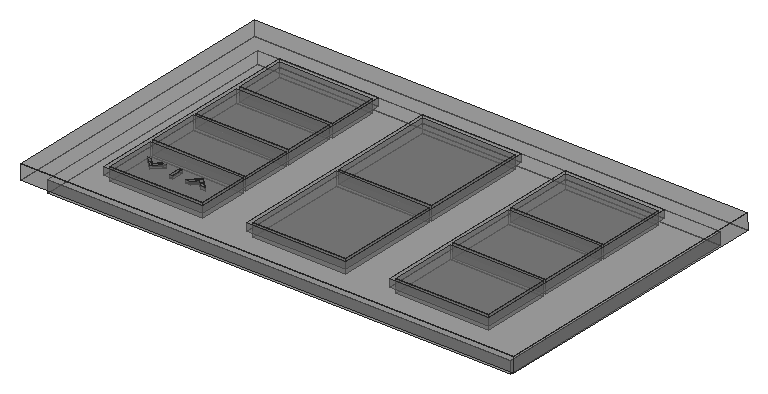
Revit family "Switch-Lutron-Palladiom_QS_Keypad_Control-Group_6 new", category Lighting Devices, host Face, Revit 2017 (continued)
Parameters (values of type "Not a Type - Load Type Catalog")
    y > 1, Device 1 Button Configuration Selection = 3, Material Sequence Code = 3212), "MWP-B-3W-CBL-E", if(and(System Type Selection = 2, Faceplate Style Selection < 2, Gang Quantity > 1, Device 1 Button Configuration Selection = 4, Material Sequence Code = 3212), "MWP-B-4W-CBL-E", if(and(System Type Selection = 2, Faceplate Style Selection < 2, Gang Quantity > 1, Device 1 Button Configuration Selection = 1, Material Sequence Code = 3238), "MWP-B-RW-CWH-E", if(and(System Type Selection = 2, Faceplate Style Selection < 2, Gang Quantity > 1, Device 1 Button Configuration Selection = 2, Material Sequence Code = 3238), "MWP-B-2W-CWH-E", if(and(System Type Selection = 2, Faceplate Style Selection < 2, Gang Quantity > 1, Device 1 Button Configuration Selection = 3, Material Sequence Code = 3238), "MWP-B-3W-CWH-E", if(and(System Type Selection = 2, Faceplate Style Selection < 2, Gang Quantity > 1, Device 1 Button Configuration Selection = 4, Material Sequence Code = 3238), "MWP-B-4W-CWH-E", if(and(System Type Selection > 2, Faceplate Style Selection < 2, Gang Quantity < 2, Device 1 Button Configuration Selection = 1, Material Sequence Code = 3212, Engraving), "HQWT-U-PRW-CBL-E", if(and(System Type Selection > 2, Faceplate Style Selection < 2, Gang Quantity < 2, Device 1 Button Configuration Selection = 1, Material Sequence Code = 3212, No Engraving), "HQWT-U-PRW-CBL", if(and(System Type Selection > 2, Faceplate Style Selection < 2, Gang Quantity < 2, Device 1 Button Configuration Selection = 2, Material Sequence Code = 3212, Engraving), "HQWT-U-P2W-CBL-E", if(and(System Type Selection > 2, Faceplate Style Selection < 2, Gang Quantity < 2, Device 1 Button Configuration Selection = 2, Material Sequence Code = 3212, No Engraving), "HQWT-U-P2W-CBL", if(and(System Type Selection > 2, Faceplate Style Selection < 2, Gang Quantity < 2, Device 1 Button Configuration Selection = 3, Material Sequence Code = 3212, Engraving), "HQWT-U-P3W-CBL-E", if(and(System Type Selection > 2, Faceplate Style Selection < 2, Gang Quantity < 2, Device 1 Button Configuration Selection = 3, Material Sequence Code = 3212, No Engraving), "HQWT-U-P3W-CBL", if(and(System Type Selection > 2, Faceplate Style Selection < 2, Gang Quantity < 2, Device 1 Button Configuration Selection = 4, Material Sequence Code = 3212, Engraving), "HQWT-U-P4W-CBL-E", if(and(System Type Selection > 2, Faceplate Style Selection < 2, Gang Quantity < 2, Device 1 Button Configuration Selection = 4, Material Sequence Code = 3212, No Engraving), "HQWT-U-P4W-CBL", if(and(System Type Selection > 2, Faceplate Style Selection < 2, Gang Quantity < 2, Device 1 Button Configuration Selection = 1, Material Sequence Code = 3238, Engraving), "HQWT-U-PRW-CWH-E", if(and(System Type Selection > 2, Faceplate Style Selection < 2, Gang Quantity < 2, Device 1 Button Configuration Selection = 1, Material Sequence Code = 3238, No Engraving), "HQWT-U-PRW-CWH", if(and(System Type Selection > 2, Faceplate Style Selection < 2, Gang Quantity < 2, Device 1 Button Configuration Selection = 2, Material Sequence Code = 3238, Engraving), "HQWT-U-P2W-CWH-E", if(and(System Type Selection > 2, Faceplate Style Selection < 2, Gang Quantity < 2, Device 1 Button Configuration Selection = 2, Material Sequence Code = 3238, No Engraving), "HQWT-U-P2W-CWH", if(and(System Type Selection > 2, Faceplate Style Selection < 2, Gang Quantity < 2, Device 1 Button Configuration Selection = 3, Material Sequence Code = 3238, Engraving), "HQWT-U-P3W-CWH-E", if(and(System Type Selection > 2, Faceplate Style Selection < 2, Gang Quantity < 2, Device 1 Button Configuration Selection = 3, Material Sequence Code = 3238, No Engraving), "HQWT-U-P3W-CWH", if(and(System Type Selection > 2, Faceplate Style Selection < 2, Gang Quantity < 2, Device 1 Button Configuration Selection = 4, Material Sequence Code = 3238, Engraving), "HQWT-U-P4W-CWH-E", if(and(System Type Selection > 2, Faceplate Style Selection < 2, Gang Quantity < 2, Device 1 Button Configuration Selection = 4, Material Sequence Code = 3238, No Engraving), "HQWT-U-P4W-CWH", if(and(System Type Selection > 2, Faceplate Style Selection < 2, Gang Quantity > 1, Device 1 Button Configuration Selection = 1, Material Sequence Code = 3212), "HQWT-B-PRW-CBL-E", if(and(System Type Selection > 2, Faceplate Style Selection < 2, Gang Quantity > 1, Device 1 Button Configuration Selection = 2, Material Sequence Code = 3212), "HQWT-B-P2W-CBL-E", if(and(System Type Selection > 2, Faceplate Style Selection < 2, Gang Quantity > 1, Device 1 Button Configuration Selection = 3, Material Sequence Code = 3212), "HQWT-B-P3W-CBL-E", if(and(System Type Selection > 2, Faceplate Style Selection < 2, Gang Quantity > 1, Device 1 Button Configuration Selection = 4, Material Sequence Code = 3212), "HQWT-B-P4W-CBL-E", if(and(System Type Selection > 2, Faceplate Style Selection < 2, Gang Quantity > 1, Device 1 Button Configuration Selection = 1, Material Sequence Code = 3238), "HQWT-B-PRW-CWH-E", if(and(System Type Selection > 2, Faceplate Style Selection < 2, Gang Quantity > 1, Device 1 Button Configuration Selection = 2, Material Sequence Code = 3238), "HQWT-B-P2W-CWH-E", if(and(System Type Selection > 2, Faceplate Style Selection < 2, Gang Quantity > 1, Device 1 Button Configuration Selection = 3, Material Sequence Code = 3238), "HQWT-B-P3W-CWH-E", if(and(System Type Selection > 2, Faceplate Style Selection < 2, Gang Quantity > 1, Device 1 Button Configuration Selection = 4, Material Sequence Code = 3238), "HQWT-B-P4W-CWH-E", if(and(System Type Selection < 2, Faceplate Style Selection > 1, Actual Button Column Quantity < 2, Device 1 Button Configuration Selection = 1, Material Sequence Code = 3212, Engraving), "QWP-S-RW-CBL-E", if(and(System Type Selection < 2, Faceplate Style Selection > 1, Actual Button Column Quantity < 2, Device 1 Button Configuration Selection = 1, Material Sequence Code = 3212, No Engraving), "QWP-S-RW-CBL", if(and(System Type Selection < 2, Faceplate Style Selection > 1, Actual Button Column Quantity < 2, Device 1 Button Configuration Selection = 2, Material Sequence Code = 3212, Engraving), "QWP-S-2W-CBL-E", if(and(System Type Selection < 2, Faceplate Style Selection > 1, Actual Button Column Quantity < 2, Device 1 Button Configuration Selection = 2, Material Sequence Code = 3212, No Engraving), "QWP-S-2W-CBL", if(and(System Type Selection < 2, Faceplate Style Selection > 1, Actual Button Column Quantity < 2, Device 1 Button Configuration Selection = 3, Material Sequence Code = 3212, Engraving), "QWP-S-3W-CBL-E", if(and(System Type Selection < 2, Faceplate Style Selection > 1, Actual Button Column Quantity < 2, Device 1 Button Configuration Selection = 3, Material Sequence Code = 3212, No Engraving), "QWP-S-3W-CBL", if(and(System Type Selection < 2, Faceplate Style Selection > 1, Actual Button Column Quantity < 2, Device 1 Button Configuration Selection = 4, Material Sequence Code = 3212, Engraving), "QWP-S-4W-CBL-E", if(and(System Type Selection < 2, Faceplate Style Selection > 1, Actual Button Column Quantity < 2, Device 1 Button Configuration Selection = 4, Material Sequence Code = 3212, No Engraving), "QWP-S-4W-CBL", if(and(System Type Selection < 2, Faceplate Style Selection > 1, Actual Button Column Quantity < 2, Device 1 Button Configuration Selection = 1, Material Sequence Code = 3238, Engraving), "QWP-S-RW-CWH-E", if(and(System Type Selection < 2, Faceplate Style Selection > 1, Actual Button Column Quantity < 2, Device 1 Button Configuration Selection = 1, Material Sequence Code = 3238, No Engraving), "QWP-S-RW-CWH", if(and(System Type Selection < 2, Faceplate Style Selection > 1, Actual Button Column Quantity < 2, Device 1 Button Configuration Selection = 2, Material Sequence Code = 3238, Engraving), "QWP-S-2W-CWH-E", if(and(System Type Selection < 2, Faceplate Style Selection > 1, Actual Button Column Quantity < 2, Device 1 Button Configuration Selection = 2, Material Sequence Code = 3238, No Engraving), "QWP-S-2W-CWH
    ", if(and(System Type Selection < 2, Faceplate Style Selection > 1, Actual Button Column Quantity < 2, Device 1 Button Configuration Selection = 3, Material Sequence Code = 3238, Engraving), "QWP-S-3W-CWH-E", if(and(System Type Selection < 2, Faceplate Style Selection > 1, Actual Button Column Quantity < 2, Device 1 Button Configuration Selection = 3, Material Sequence Code = 3238, No Engraving), "QWP-S-3W-CWH", if(and(System Type Selection < 2, Faceplate Style Selection > 1, Actual Button Column Quantity < 2, Device 1 Button Configuration Selection = 4, Material Sequence Code = 3238, Engraving), "QWP-S-4W-CWH-E", if(and(System Type Selection < 2, Faceplate Style Selection > 1, Actual Button Column Quantity < 2, Device 1 Button Configuration Selection = 4, Material Sequence Code = 3238, No Engraving), "QWP-S-4W-CWH", if(and(System Type Selection < 2, Faceplate Style Selection > 1, Actual Button Column Quantity = 2, Device 1 Button Configuration Selection = 1, Device 2 Button Configuration Selection = 1, Material Sequence Code = 3212), "QWP-S-RRW-CBL-E", if(and(System Type Selection < 2, Faceplate Style Selection > 1, Actual Button Column Quantity = 2, Device 1 Button Configuration Selection = 2, Device 2 Button Configuration Selection = 1, Material Sequence Code = 3212), "QWP-S-2RW-CBL-E", if(and(System Type Selection < 2, Faceplate Style Selection > 1, Actual Button Column Quantity = 2, Device 1 Button Configuration Selection = 3, Device 2 Button Configuration Selection = 1, Material Sequence Code = 3212), "QWP-S-3RW-CBL-E", if(and(System Type Selection < 2, Faceplate Style Selection > 1, Actual Button Column Quantity = 2, Device 1 Button Configuration Selection = 4, Device 2 Button Configuration Selection = 1, Material Sequence Code = 3212), "QWP-S-4RW-CBL-E", if(and(System Type Selection < 2, Faceplate Style Selection > 1, Actual Button Column Quantity = 2, Device 1 Button Configuration Selection = 1, Device 2 Button Configuration Selection = 2, Material Sequence Code = 3212), "QWP-S-R2W-CBL-E", if(and(System Type Selection < 2, Faceplate Style Selection > 1, Actual Button Column Quantity = 2, Device 1 Button Configuration Selection = 2, Device 2 Button Configuration Selection = 2, Material Sequence Code = 3212), "QWP-S-22W-CBL-E", if(and(System Type Selection < 2, Faceplate Style Selection > 1, Actual Button Column Quantity = 2, Device 1 Button Configuration Selection = 3, Device 2 Button Configuration Selection = 2, Material Sequence Code = 3212), "QWP-S-32W-CBL-E", if(and(System Type Selection < 2, Faceplate Style Selection > 1, Actual Button Column Quantity = 2, Device 1 Button Configuration Selection = 4, Device 2 Button Configuration Selection = 2, Material Sequence Code = 3212), "QWP-S-42W-CBL-E", if(and(System Type Selection < 2, Faceplate Style Selection > 1, Actual Button Column Quantity = 2, Device 1 Button Configuration Selection = 1, Device 2 Button Configuration Selection = 3, Material Sequence Code = 3212), "QWP-S-R3W-CBL-E", if(and(System Type Selection < 2, Faceplate Style Selection > 1, Actual Button Column Quantity = 2, Device 1 Button Configuration Selection = 2, Device 2 Button Configuration Selection = 3, Material Sequence Code = 3212), "QWP-S-23W-CBL-E", if(and(System Type Selection < 2, Faceplate Style Selection > 1, Actual Button Column Quantity = 2, Device 1 Button Configuration Selection = 3, Device 2 Button Configuration Selection = 3, Material Sequence Code = 3212), "QWP-S-33W-CBL-E", if(and(System Type Selection < 2, Faceplate Style Selection > 1, Actual Button Column Quantity = 2, Device 1 Button Configuration Selection = 4, Device 2 Button Configuration Selection = 3, Material Sequence Code = 3212), "QWP-S-43W-CBL-E", if(and(System Type Selection < 2, Faceplate Style Selection > 1, Actual Button Column Quantity = 2, Device 1 Button Configuration Selection = 1, Device 2 Button Configuration Selection = 4, Material Sequence Code = 3212), "QWP-S-R4W-CBL-E", if(and(System Type Selection < 2, Faceplate Style Selection > 1, Actual Button Column Quantity = 2, Device 1 Button Configuration Selection = 2, Device 2 Button Configuration Selection = 4, Material Sequence Code = 3212), "QWP-S-24W-CBL-E", if(and(System Type Selection < 2, Faceplate Style Selection > 1, Actual Button Column Quantity = 2, Device 1 Button Configuration Selection = 3, Device 2 Button Configuration Selection = 4, Material Sequence Code = 3212), "QWP-S-34W-CBL-E", if(and(System Type Selection < 2, Faceplate Style Selection > 1, Actual Button Column Quantity = 2, Device 1 Button Configuration Selection = 4, Device 2 Button Configuration Selection = 4, Material Sequence Code = 3212), "QWP-S-44W-CBL-E", if(and(System Type Selection < 2, Faceplate Style Selection > 1, Actual Button Column Quantity = 2, Device 1 Button Configuration Selection = 1, Device 2 Button Configuration Selection = 1, Material Sequence Code = 3238), "QWP-S-RRW-CWH-E", if(and(System Type Selection < 2, Faceplate Style Selection > 1, Actual Button Column Quantity = 2, Device 1 Button Configuration Selection = 2, Device 2 Button Configuration Selection = 1, Material Sequence Code = 3238), "QWP-S-2RW-CWH-E", if(and(System Type Selection < 2, Faceplate Style Selection > 1, Actual Button Column Quantity = 2, Device 1 Button Configuration Selection = 3, Device 2 Button Configuration Selection = 1, Material Sequence Code = 3238), "QWP-S-3RW-CWH-E", if(and(System Type Selection < 2, Faceplate Style Selection > 1, Actual Button Column Quantity = 2, Device 1 Button Configuration Selection = 4, Device 2 Button Configuration Selection = 1, Material Sequence Code = 3238), "QWP-S-4RW-CWH-E", if(and(System Type Selection < 2, Faceplate Style Selection > 1, Actual Button Column Quantity = 2, Device 1 Button Configuration Selection = 1, Device 2 Button Configuration Selection = 2, Material Sequence Code = 3238), "QWP-S-R2W-CWH-E", if(and(System Type Selection < 2, Faceplate Style Selection > 1, Actual Button Column Quantity = 2, Device 1 Button Configuration Selection = 2, Device 2 Button Configuration Selection = 2, Material Sequence Code = 3238), "QWP-S-22W-CWH-E", if(and(System Type Selection < 2, Faceplate Style Selection > 1, Actual Button Column Quantity = 2, Device 1 Button Configuration Selection = 3, Device 2 Button Configuration Selection = 2, Material Sequence Code = 3238), "QWP-S-32W-CWH-E", if(and(System Type Selection < 2, Faceplate Style Selection > 1, Actual Button Column Quantity = 2, Device 1 Button Configuration Selection = 4, Device 2 Button Configuration Selection = 2, Material Sequence Code = 3238), "QWP-S-42W-CWH-E", if(and(System Type Selection < 2, Faceplate Style Selection > 1, Actual Button Column Quantity = 2, Device 1 Button Configuration Selection = 1, Device 2 Button Configuration Selection = 3, Material Sequence Code = 3238), "QWP-S-R3W-CWH-E", if(and(System Type Selection < 2, Faceplate Style Selection > 1, Actual Button Column Quantity = 2, Device 1 Button Configuration Selection = 2, Device 2 Button Configuration Selection = 3, Material Sequence Code = 3238), "QWP-S-23W-CWH-E", if(and(System Type Selection < 2, Faceplate Style Selection > 1, Actual Button Column Quantity = 2, Device 1 Button Configuration Selection = 3, Device 2 Button Configuration Selection = 3, Material Sequence Code = 3238), "QWP-S-33W-CWH-E", if(and(System Type Selection < 2, Faceplate Style Selection > 1, Actual Button Column Quantity = 2, Device 1 Button Configuration Selection = 4, Device 2 Button Configuration Selection = 3, Material Sequence Code = 3238), "QWP-S-43W-CWH-E", if(and(System Type Selection < 2, Faceplate Style Selection > 1, Actual Button Column Quantity = 2, Device 1 Button Configuration Selection = 1, Device 2 Button Configuration Selection = 4, Material Sequence Code = 3238), "QWP-S-R4W-CWH-E", if(and(System Type Selection < 2, Faceplate Style Selection > 1, Actual Button Column Quantity = 2, Device 1 Button Configuration Selection = 2, Device 2 Button Configuration Selecti
    on = 4, Material Sequence Code = 3238), "QWP-S-24W-CWH-E", if(and(System Type Selection < 2, Faceplate Style Selection > 1, Actual Button Column Quantity = 2, Device 1 Button Configuration Selection = 3, Device 2 Button Configuration Selection = 4, Material Sequence Code = 3238), "QWP-S-34W-CWH-E", if(and(System Type Selection < 2, Faceplate Style Selection > 1, Actual Button Column Quantity = 2, Device 1 Button Configuration Selection = 4, Device 2 Button Configuration Selection = 4, Material Sequence Code = 3238), "QWP-S-44W-CWH-E", if(and(System Type Selection = 2, Faceplate Style Selection > 1, Actual Button Column Quantity < 2, Device 1 Button Configuration Selection = 1, Material Sequence Code = 3212, Engraving), "MWP-S-RW-CBL-E", if(and(System Type Selection = 2, Faceplate Style Selection > 1, Actual Button Column Quantity < 2, Device 1 Button Configuration Selection = 1, Material Sequence Code = 3212, No Engraving), "MWP-S-RW-CBL", if(and(System Type Selection = 2, Faceplate Style Selection > 1, Actual Button Column Quantity < 2, Device 1 Button Configuration Selection = 2, Material Sequence Code = 3212, Engraving), "MWP-S-2W-CBL-E", if(and(System Type Selection = 2, Faceplate Style Selection > 1, Actual Button Column Quantity < 2, Device 1 Button Configuration Selection = 2, Material Sequence Code = 3212, No Engraving), "MWP-S-2W-CBL", if(and(System Type Selection = 2, Faceplate Style Selection > 1, Actual Button Column Quantity < 2, Device 1 Button Configuration Selection = 3, Material Sequence Code = 3212, Engraving), "MWP-S-3W-CBL-E", if(and(System Type Selection = 2, Faceplate Style Selection > 1, Actual Button Column Quantity < 2, Device 1 Button Configuration Selection = 3, Material Sequence Code = 3212, No Engraving), "MWP-S-3W-CBL", if(and(System Type Selection = 2, Faceplate Style Selection > 1, Actual Button Column Quantity < 2, Device 1 Button Configuration Selection = 4, Material Sequence Code = 3212, Engraving), "MWP-S-4W-CBL-E", if(and(System Type Selection = 2, Faceplate Style Selection > 1, Actual Button Column Quantity < 2, Device 1 Button Configuration Selection = 4, Material Sequence Code = 3212, No Engraving), "MWP-S-4W-CBL", if(and(System Type Selection = 2, Faceplate Style Selection > 1, Actual Button Column Quantity < 2, Device 1 Button Configuration Selection = 1, Material Sequence Code = 3238, Engraving), "MWP-S-RW-CWH-E", if(and(System Type Selection = 2, Faceplate Style Selection > 1, Actual Button Column Quantity < 2, Device 1 Button Configuration Selection = 1, Material Sequence Code = 3238, No Engraving), "MWP-S-RW-CWH", if(and(System Type Selection = 2, Faceplate Style Selection > 1, Actual Button Column Quantity < 2, Device 1 Button Configuration Selection = 2, Material Sequence Code = 3238, Engraving), "MWP-S-2W-CWH-E", if(and(System Type Selection = 2, Faceplate Style Selection > 1, Actual Button Column Quantity < 2, Device 1 Button Configuration Selection = 2, Material Sequence Code = 3238, No Engraving), "MWP-S-2W-CWH", if(and(System Type Selection = 2, Faceplate Style Selection > 1, Actual Button Column Quantity < 2, Device 1 Button Configuration Selection = 3, Material Sequence Code = 3238, Engraving), "MWP-S-3W-CWH-E", if(and(System Type Selection = 2, Faceplate Style Selection > 1, Actual Button Column Quantity < 2, Device 1 Button Configuration Selection = 3, Material Sequence Code = 3238, No Engraving), "MWP-S-3W-CWH", if(and(System Type Selection = 2, Faceplate Style Selection > 1, Actual Button Column Quantity < 2, Device 1 Button Configuration Selection = 4, Material Sequence Code = 3238, Engraving), "MWP-S-4W-CWH-E", if(and(System Type Selection = 2, Faceplate Style Selection > 1, Actual Button Column Quantity < 2, Device 1 Button Configuration Selection = 4, Material Sequence Code = 3238, No Engraving), "MWP-S-4W-CWH", if(and(System Type Selection = 2, Faceplate Style Selection > 1, Actual Button Column Quantity = 2, Device 1 Button Configuration Selection = 1, Device 2 Button Configuration Selection = 1, Material Sequence Code = 3212), "MWP-S-RRW-CBL-E", if(and(System Type Selection = 2, Faceplate Style Selection > 1, Actual Button Column Quantity = 2, Device 1 Button Configuration Selection = 2, Device 2 Button Configuration Selection = 1, Material Sequence Code = 3212), "MWP-S-2RW-CBL-E", if(and(System Type Selection = 2, Faceplate Style Selection > 1, Actual Button Column Quantity = 2, Device 1 Button Configuration Selection = 3, Device 2 Button Configuration Selection = 1, Material Sequence Code = 3212), "MWP-S-3RW-CBL-E", if(and(System Type Selection = 2, Faceplate Style Selection > 1, Actual Button Column Quantity = 2, Device 1 Button Configuration Selection = 4, Device 2 Button Configuration Selection = 1, Material Sequence Code = 3212), "MWP-S-4RW-CBL-E", if(and(System Type Selection = 2, Faceplate Style Selection > 1, Actual Button Column Quantity = 2, Device 1 Button Configuration Selection = 1, Device 2 Button Configuration Selection = 2, Material Sequence Code = 3212), "MWP-S-R2W-CBL-E", if(and(System Type Selection = 2, Faceplate Style Selection > 1, Actual Button Column Quantity = 2, Device 1 Button Configuration Selection = 2, Device 2 Button Configuration Selection = 2, Material Sequence Code = 3212), "MWP-S-22W-CBL-E", if(and(System Type Selection = 2, Faceplate Style Selection > 1, Actual Button Column Quantity = 2, Device 1 Button Configuration Selection = 3, Device 2 Button Configuration Selection = 2, Material Sequence Code = 3212), "MWP-S-32W-CBL-E", if(and(System Type Selection = 2, Faceplate Style Selection > 1, Actual Button Column Quantity = 2, Device 1 Button Configuration Selection = 4, Device 2 Button Configuration Selection = 2, Material Sequence Code = 3212), "MWP-S-42W-CBL-E", if(and(System Type Selection = 2, Faceplate Style Selection > 1, Actual Button Column Quantity = 2, Device 1 Button Configuration Selection = 1, Device 2 Button Configuration Selection = 3, Material Sequence Code = 3212), "MWP-S-R3W-CBL-E", if(and(System Type Selection = 2, Faceplate Style Selection > 1, Actual Button Column Quantity = 2, Device 1 Button Configuration Selection = 2, Device 2 Button Configuration Selection = 3, Material Sequence Code = 3212), "MWP-S-23W-CBL-E", if(and(System Type Selection = 2, Faceplate Style Selection > 1, Actual Button Column Quantity = 2, Device 1 Button Configuration Selection = 3, Device 2 Button Configuration Selection = 3, Material Sequence Code = 3212), "MWP-S-33W-CBL-E", if(and(System Type Selection = 2, Faceplate Style Selection > 1, Actual Button Column Quantity = 2, Device 1 Button Configuration Selection = 4, Device 2 Button Configuration Selection = 3, Material Sequence Code = 3212), "MWP-S-43W-CBL-E", if(and(System Type Selection = 2, Faceplate Style Selection > 1, Actual Button Column Quantity = 2, Device 1 Button Configuration Selection = 1, Device 2 Button Configuration Selection = 4, Material Sequence Code = 3212), "MWP-S-R4W-CBL-E", if(and(System Type Selection = 2, Faceplate Style Selection > 1, Actual Button Column Quantity = 2, Device 1 Button Configuration Selection = 2, Device 2 Button Configuration Selection = 4, Material Sequence Code = 3212), "MWP-S-24W-CBL-E", if(and(System Type Selection = 2, Faceplate Style Selection > 1, Actual Button Column Quantity = 2, Device 1 Button Configuration Selection = 3, Device 2 Button Configuration Selection = 4, Material Sequence Code = 3212), "MWP-S-34W-CBL-E", if(and(System Type Selection = 2, Faceplate Style Selection > 1, Actual Button Column Quantity = 2, Device 1 Button Configuration Selection = 4, Device 2 Button Configuration Selection = 4, Material Sequence Code = 3212), "MWP-S-44W-CBL-E", if(and(System Type Selection = 2, Faceplate Style Selection > 1, Actual Button Column Quantity = 2, Device 1 Button Configuration Selection = 1, Device 2 Button Configuration Selection = 1, Material Sequence Code = 3238), "MWP-S-RRW-CWH-E", if(and(System Type Selection = 2, Faceplate Style Selectio
    n > 1, Actual Button Column Quantity = 2, Device 1 Button Configuration Selection = 2, Device 2 Button Configuration Selection = 1, Material Sequence Code = 3238), "MWP-S-2RW-CWH-E", if(and(System Type Selection = 2, Faceplate Style Selection > 1, Actual Button Column Quantity = 2, Device 1 Button Configuration Selection = 3, Device 2 Button Configuration Selection = 1, Material Sequence Code = 3238), "MWP-S-3RW-CWH-E", if(and(System Type Selection = 2, Faceplate Style Selection > 1, Actual Button Column Quantity = 2, Device 1 Button Configuration Selection = 4, Device 2 Button Configuration Selection = 1, Material Sequence Code = 3238), "MWP-S-4RW-CWH-E", if(and(System Type Selection = 2, Faceplate Style Selection > 1, Actual Button Column Quantity = 2, Device 1 Button Configuration Selection = 1, Device 2 Button Configuration Selection = 2, Material Sequence Code = 3238), "MWP-S-R2W-CWH-E", if(and(System Type Selection = 2, Faceplate Style Selection > 1, Actual Button Column Quantity = 2, Device 1 Button Configuration Selection = 2, Device 2 Button Configuration Selection = 2, Material Sequence Code = 3238), "MWP-S-22W-CWH-E", if(and(System Type Selection = 2, Faceplate Style Selection > 1, Actual Button Column Quantity = 2, Device 1 Button Configuration Selection = 3, Device 2 Button Configuration Selection = 2, Material Sequence Code = 3238), "MWP-S-32W-CWH-E", if(and(System Type Selection = 2, Faceplate Style Selection > 1, Actual Button Column Quantity = 2, Device 1 Button Configuration Selection = 4, Device 2 Button Configuration Selection = 2, Material Sequence Code = 3238), "MWP-S-42W-CWH-E", if(and(System Type Selection = 2, Faceplate Style Selection > 1, Actual Button Column Quantity = 2, Device 1 Button Configuration Selection = 1, Device 2 Button Configuration Selection = 3, Material Sequence Code = 3238), "MWP-S-R3W-CWH-E", if(and(System Type Selection = 2, Faceplate Style Selection > 1, Actual Button Column Quantity = 2, Device 1 Button Configuration Selection = 2, Device 2 Button Configuration Selection = 3, Material Sequence Code = 3238), "MWP-S-23W-CWH-E", if(and(System Type Selection = 2, Faceplate Style Selection > 1, Actual Button Column Quantity = 2, Device 1 Button Configuration Selection = 3, Device 2 Button Configuration Selection = 3, Material Sequence Code = 3238), "MWP-S-33W-CWH-E", if(and(System Type Selection = 2, Faceplate Style Selection > 1, Actual Button Column Quantity = 2, Device 1 Button Configuration Selection = 4, Device 2 Button Configuration Selection = 3, Material Sequence Code = 3238), "MWP-S-43W-CWH-E", if(and(System Type Selection = 2, Faceplate Style Selection > 1, Actual Button Column Quantity = 2, Device 1 Button Configuration Selection = 1, Device 2 Button Configuration Selection = 4, Material Sequence Code = 3238), "MWP-S-R4W-CWH-E", if(and(System Type Selection = 2, Faceplate Style Selection > 1, Actual Button Column Quantity = 2, Device 1 Button Configuration Selection = 2, Device 2 Button Configuration Selection = 4, Material Sequence Code = 3238), "MWP-S-24W-CWH-E", if(and(System Type Selection = 2, Faceplate Style Selection > 1, Actual Button Column Quantity = 2, Device 1 Button Configuration Selection = 3, Device 2 Button Configuration Selection = 4, Material Sequence Code = 3238), "MWP-S-34W-CWH-E", if(and(System Type Selection = 2, Faceplate Style Selection > 1, Actual Button Column Quantity = 2, Device 1 Button Configuration Selection = 4, Device 2 Button Configuration Selection = 4, Material Sequence Code = 3238), "MWP-S-44W-CWH-E", if(and(System Type Selection > 2, Faceplate Style Selection > 1, Actual Button Column Quantity < 2, Device 1 Button Configuration Selection = 1, Material Sequence Code = 3212, Engraving), "HQWT-S-PRW-CBL-E", if(and(System Type Selection > 2, Faceplate Style Selection > 1, Actual Button Column Quantity < 2, Device 1 Button Configuration Selection = 1, Material Sequence Code = 3212, No Engraving), "HQWT-S-PRW-CBL", if(and(System Type Selection > 2, Faceplate Style Selection > 1, Actual Button Column Quantity < 2, Device 1 Button Configuration Selection = 2, Material Sequence Code = 3212, Engraving), "HQWT-S-P2W-CBL-E", if(and(System Type Selection > 2, Faceplate Style Selection > 1, Actual Button Column Quantity < 2, Device 1 Button Configuration Selection = 2, Material Sequence Code = 3212, No Engraving), "HQWT-S-P2W-CBL", if(and(System Type Selection > 2, Faceplate Style Selection > 1, Actual Button Column Quantity < 2, Device 1 Button Configuration Selection = 3, Material Sequence Code = 3212, Engraving), "HQWT-S-P3W-CBL-E", if(and(System Type Selection > 2, Faceplate Style Selection > 1, Actual Button Column Quantity < 2, Device 1 Button Configuration Selection = 3, Material Sequence Code = 3212, No Engraving), "HQWT-S-P3W-CBL", if(and(System Type Selection > 2, Faceplate Style Selection > 1, Actual Button Column Quantity < 2, Device 1 Button Configuration Selection = 4, Material Sequence Code = 3212, Engraving), "HQWT-S-P4W-CBL-E", if(and(System Type Selection > 2, Faceplate Style Selection > 1, Actual Button Column Quantity < 2, Device 1 Button Configuration Selection = 4, Material Sequence Code = 3212, No Engraving), "HQWT-S-P4W-CBL", if(and(System Type Selection > 2, Faceplate Style Selection > 1, Actual Button Column Quantity < 2, Device 1 Button Configuration Selection = 1, Material Sequence Code = 3238, Engraving), "HQWT-S-PRW-CWH-E", if(and(System Type Selection > 2, Faceplate Style Selection > 1, Actual Button Column Quantity < 2, Device 1 Button Configuration Selection = 1, Material Sequence Code = 3238, No Engraving), "HQWT-S-PRW-CWH", if(and(System Type Selection > 2, Faceplate Style Selection > 1, Actual Button Column Quantity < 2, Device 1 Button Configuration Selection = 2, Material Sequence Code = 3238, Engraving), "HQWT-S-P2W-CWH-E", if(and(System Type Selection > 2, Faceplate Style Selection > 1, Actual Button Column Quantity < 2, Device 1 Button Configuration Selection = 2, Material Sequence Code = 3238, No Engraving), "HQWT-S-P2W-CWH", if(and(System Type Selection > 2, Faceplate Style Selection > 1, Actual Button Column Quantity < 2, Device 1 Button Configuration Selection = 3, Material Sequence Code = 3238, Engraving), "HQWT-S-P3W-CWH-E", if(and(System Type Selection > 2, Faceplate Style Selection > 1, Actual Button Column Quantity < 2, Device 1 Button Configuration Selection = 3, Material Sequence Code = 3238, No Engraving), "HQWT-S-P3W-CWH", if(and(System Type Selection > 2, Faceplate Style Selection > 1, Actual Button Column Quantity < 2, Device 1 Button Configuration Selection = 4, Material Sequence Code = 3238, Engraving), "HQWT-S-P4W-CWH-E", if(and(System Type Selection > 2, Faceplate Style Selection > 1, Actual Button Column Quantity < 2, Device 1 Button Configuration Selection = 4, Material Sequence Code = 3238, No Engraving), "HQWT-S-P4W-CWH", if(and(System Type Selection > 2, Faceplate Style Selection > 1, Actual Button Column Quantity = 2, Device 1 Button Configuration Selection = 1, Device 2 Button Configuration Selection = 1, Material Sequence Code = 3212), "HQWT-S-PRRW-CBL-E", if(and(System Type Selection > 2, Faceplate Style Selection > 1, Actual Button Column Quantity = 2, Device 1 Button Configuration Selection = 2, Device 2 Button Configuration Selection = 1, Material Sequence Code = 3212), "HQWT-S-P2RW-CBL-E", if(and(System Type Selection > 2, Faceplate Style Selection > 1, Actual Button Column Quantity = 2, Device 1 Button Configuration Selection = 3, Device 2 Button Configuration Selection = 1, Material Sequence Code = 3212), "HQWT-S-P3RW-CBL-E", if(and(System Type Selection > 2, Faceplate Style Selection > 1, Actual Button Column Quantity = 2, Device 1 Button Configuration Selection = 4, Device 2 Button Configuration Selection = 1, Material Sequence Code = 3212), "HQWT-S-P4RW-CBL-E", if(and(System Type Selection > 2, Faceplate Style Selection > 1, Actual Button Column Quantity = 2, Device 1 Button Configuration Selec
    tion = 1, Device 2 Button Configuration Selection = 2, Material Sequence Code = 3212), "HQWT-S-PR2W-CBL-E", if(and(System Type Selection > 2, Faceplate Style Selection > 1, Actual Button Column Quantity = 2, Device 1 Button Configuration Selection = 2, Device 2 Button Configuration Selection = 2, Material Sequence Code = 3212), "HQWT-S-P22W-CBL-E", if(and(System Type Selection > 2, Faceplate Style Selection > 1, Actual Button Column Quantity = 2, Device 1 Button Configuration Selection = 3, Device 2 Button Configuration Selection = 2, Material Sequence Code = 3212), "HQWT-S-P32W-CBL-E", if(and(System Type Selection > 2, Faceplate Style Selection > 1, Actual Button Column Quantity = 2, Device 1 Button Configuration Selection = 4, Device 2 Button Configuration Selection = 2, Material Sequence Code = 3212), "HQWT-S-P42W-CBL-E", if(and(System Type Selection > 2, Faceplate Style Selection > 1, Actual Button Column Quantity = 2, Device 1 Button Configuration Selection = 1, Device 2 Button Configuration Selection = 3, Material Sequence Code = 3212), "HQWT-S-PR3W-CBL-E", if(and(System Type Selection > 2, Faceplate Style Selection > 1, Actual Button Column Quantity = 2, Device 1 Button Configuration Selection = 2, Device 2 Button Configuration Selection = 3, Material Sequence Code = 3212), "HQWT-S-P23W-CBL-E", if(and(System Type Selection > 2, Faceplate Style Selection > 1, Actual Button Column Quantity = 2, Device 1 Button Configuration Selection = 3, Device 2 Button Configuration Selection = 3, Material Sequence Code = 3212), "HQWT-S-P33W-CBL-E", if(and(System Type Selection > 2, Faceplate Style Selection > 1, Actual Button Column Quantity = 2, Device 1 Button Configuration Selection = 4, Device 2 Button Configuration Selection = 3, Material Sequence Code = 3212), "HQWT-S-P43W-CBL-E", if(and(System Type Selection > 2, Faceplate Style Selection > 1, Actual Button Column Quantity = 2, Device 1 Button Configuration Selection = 1, Device 2 Button Configuration Selection = 4, Material Sequence Code = 3212), "HQWT-S-PR4W-CBL-E", if(and(System Type Selection > 2, Faceplate Style Selection > 1, Actual Button Column Quantity = 2, Device 1 Button Configuration Selection = 2, Device 2 Button Configuration Selection = 4, Material Sequence Code = 3212), "HQWT-S-P24W-CBL-E", if(and(System Type Selection > 2, Faceplate Style Selection > 1, Actual Button Column Quantity = 2, Device 1 Button Configuration Selection = 3, Device 2 Button Configuration Selection = 4, Material Sequence Code = 3212), "HQWT-S-P34W-CBL-E", if(and(System Type Selection > 2, Faceplate Style Selection > 1, Actual Button Column Quantity = 2, Device 1 Button Configuration Selection = 4, Device 2 Button Configuration Selection = 4, Material Sequence Code = 3212), "HQWT-S-P44W-CBL-E", if(and(System Type Selection > 2, Faceplate Style Selection > 1, Actual Button Column Quantity = 2, Device 1 Button Configuration Selection = 1, Device 2 Button Configuration Selection = 1, Material Sequence Code = 3238), "HQWT-S-PRRW-CWH-E", if(and(System Type Selection > 2, Faceplate Style Selection > 1, Actual Button Column Quantity = 2, Device 1 Button Configuration Selection = 2, Device 2 Button Configuration Selection = 1, Material Sequence Code = 3238), "HQWT-S-P2RW-CWH-E", if(and(System Type Selection > 2, Faceplate Style Selection > 1, Actual Button Column Quantity = 2, Device 1 Button Configuration Selection = 3, Device 2 Button Configuration Selection = 1, Material Sequence Code = 3238), "HQWT-S-P3RW-CWH-E", if(and(System Type Selection > 2, Faceplate Style Selection > 1, Actual Button Column Quantity = 2, Device 1 Button Configuration Selection = 4, Device 2 Button Configuration Selection = 1, Material Sequence Code = 3238), "HQWT-S-P4RW-CWH-E", if(and(System Type Selection > 2, Faceplate Style Selection > 1, Actual Button Column Quantity = 2, Device 1 Button Configuration Selection = 1, Device 2 Button Configuration Selection = 2, Material Sequence Code = 3238), "HQWT-S-PR2W-CWH-E", if(and(System Type Selection > 2, Faceplate Style Selection > 1, Actual Button Column Quantity = 2, Device 1 Button Configuration Selection = 2, Device 2 Button Configuration Selection = 2, Material Sequence Code = 3238), "HQWT-S-P22W-CWH-E", if(and(System Type Selection > 2, Faceplate Style Selection > 1, Actual Button Column Quantity = 2, Device 1 Button Configuration Selection = 3, Device 2 Button Configuration Selection = 2, Material Sequence Code = 3238), "HQWT-S-P32W-CWH-E", if(and(System Type Selection > 2, Faceplate Style Selection > 1, Actual Button Column Quantity = 2, Device 1 Button Configuration Selection = 4, Device 2 Button Configuration Selection = 2, Material Sequence Code = 3238), "HQWT-S-P42W-CWH-E", if(and(System Type Selection > 2, Faceplate Style Selection > 1, Actual Button Column Quantity = 2, Device 1 Button Configuration Selection = 1, Device 2 Button Configuration Selection = 3, Material Sequence Code = 3238), "HQWT-S-PR3W-CWH-E", if(and(System Type Selection > 2, Faceplate Style Selection > 1, Actual Button Column Quantity = 2, Device 1 Button Configuration Selection = 2, Device 2 Button Configuration Selection = 3, Material Sequence Code = 3238), "HQWT-S-P23W-CWH-E", if(and(System Type Selection > 2, Faceplate Style Selection > 1, Actual Button Column Quantity = 2, Device 1 Button Configuration Selection = 3, Device 2 Button Configuration Selection = 3, Material Sequence Code = 3238), "HQWT-S-P33W-CWH-E", if(and(System Type Selection > 2, Faceplate Style Selection > 1, Actual Button Column Quantity = 2, Device 1 Button Configuration Selection = 4, Device 2 Button Configuration Selection = 3, Material Sequence Code = 3238), "HQWT-S-P43W-CWH-E", if(and(System Type Selection > 2, Faceplate Style Selection > 1, Actual Button Column Quantity = 2, Device 1 Button Configuration Selection = 1, Device 2 Button Configuration Selection = 4, Material Sequence Code = 3238), "HQWT-S-PR4W-CWH-E", if(and(System Type Selection > 2, Faceplate Style Selection > 1, Actual Button Column Quantity = 2, Device 1 Button Configuration Selection = 2, Device 2 Button Configuration Selection = 4, Material Sequence Code = 3238), "HQWT-S-P24W-CWH-E", if(and(System Type Selection > 2, Faceplate Style Selection > 1, Actual Button Column Quantity = 2, Device 1 Button Configuration Selection = 3, Device 2 Button Configuration Selection = 4, Material Sequence Code = 3238), "HQWT-S-P34W-CWH-E", if(and(System Type Selection > 2, Faceplate Style Selection > 1, Actual Button Column Quantity = 2, Device 1 Button Configuration Selection = 4, Device 2 Button Configuration Selection = 4, Material Sequence Code = 3238), "HQWT-S-P44W-CWH-E", if(and(System Type Selection < 2, Faceplate Style Selection > 1, Actual Button Column Quantity > 2, Device 1 Button Configuration Selection = 1, Device 2 Button Configuration Selection = 1, Material Sequence Code = 3212), "QWP-B-RRW-CBL-E", if(and(System Type Selection < 2, Faceplate Style Selection > 1, Actual Button Column Quantity > 2, Device 1 Button Configuration Selection = 2, Device 2 Button Configuration Selection = 1, Material Sequence Code = 3212), "QWP-B-2RW-CBL-E", if(and(System Type Selection < 2, Faceplate Style Selection > 1, Actual Button Column Quantity > 2, Device 1 Button Configuration Selection = 3, Device 2 Button Configuration Selection = 1, Material Sequence Code = 3212), "QWP-B-3RW-CBL-E", if(and(System Type Selection < 2, Faceplate Style Selection > 1, Actual Button Column Quantity > 2, Device 1 Button Configuration Selection = 4, Device 2 Button Configuration Selection = 1, Material Sequence Code = 3212), "QWP-B-4RW-CBL-E", if(and(System Type Selection < 2, Faceplate Style Selection > 1, Actual Button Column Quantity > 2, Device 1 Button Configuration Selection = 1, Device 2 Button Configuration Selection = 2, Material Sequence Code = 3212), "QWP-B-R2W-CBL-E", if(and(System Type Selection < 2, Faceplate Style Selection > 1, Actual Button Column Quantity > 2, Device 1 Button Configurat
    ion Selection = 2, Device 2 Button Configuration Selection = 2, Material Sequence Code = 3212), "QWP-B-22W-CBL-E", if(and(System Type Selection < 2, Faceplate Style Selection > 1, Actual Button Column Quantity > 2, Device 1 Button Configuration Selection = 3, Device 2 Button Configuration Selection = 2, Material Sequence Code = 3212), "QWP-B-32W-CBL-E", if(and(System Type Selection < 2, Faceplate Style Selection > 1, Actual Button Column Quantity > 2, Device 1 Button Configuration Selection = 4, Device 2 Button Configuration Selection = 2, Material Sequence Code = 3212), "QWP-B-42W-CBL-E", if(and(System Type Selection < 2, Faceplate Style Selection > 1, Actual Button Column Quantity > 2, Device 1 Button Configuration Selection = 1, Device 2 Button Configuration Selection = 3, Material Sequence Code = 3212), "QWP-B-R3W-CBL-E", if(and(System Type Selection < 2, Faceplate Style Selection > 1, Actual Button Column Quantity > 2, Device 1 Button Configuration Selection = 2, Device 2 Button Configuration Selection = 3, Material Sequence Code = 3212), "QWP-B-23W-CBL-E", if(and(System Type Selection < 2, Faceplate Style Selection > 1, Actual Button Column Quantity > 2, Device 1 Button Configuration Selection = 3, Device 2 Button Configuration Selection = 3, Material Sequence Code = 3212), "QWP-B-33W-CBL-E", if(and(System Type Selection < 2, Faceplate Style Selection > 1, Actual Button Column Quantity > 2, Device 1 Button Configuration Selection = 4, Device 2 Button Configuration Selection = 3, Material Sequence Code = 3212), "QWP-B-43W-CBL-E", if(and(System Type Selection < 2, Faceplate Style Selection > 1, Actual Button Column Quantity > 2, Device 1 Button Configuration Selection = 1, Device 2 Button Configuration Selection = 4, Material Sequence Code = 3212), "QWP-B-R4W-CBL-E", if(and(System Type Selection < 2, Faceplate Style Selection > 1, Actual Button Column Quantity > 2, Device 1 Button Configuration Selection = 2, Device 2 Button Configuration Selection = 4, Material Sequence Code = 3212), "QWP-B-24W-CBL-E", if(and(System Type Selection < 2, Faceplate Style Selection > 1, Actual Button Column Quantity > 2, Device 1 Button Configuration Selection = 3, Device 2 Button Configuration Selection = 4, Material Sequence Code = 3212), "QWP-B-34W-CBL-E", if(and(System Type Selection < 2, Faceplate Style Selection > 1, Actual Button Column Quantity > 2, Device 1 Button Configuration Selection = 4, Device 2 Button Configuration Selection = 4, Material Sequence Code = 3212), "QWP-B-44W-CBL-E", if(and(System Type Selection < 2, Faceplate Style Selection > 1, Actual Button Column Quantity > 2, Device 1 Button Configuration Selection = 1, Device 2 Button Configuration Selection = 1, Material Sequence Code = 3238), "QWP-B-RRW-CWH-E", if(and(System Type Selection < 2, Faceplate Style Selection > 1, Actual Button Column Quantity > 2, Device 1 Button Configuration Selection = 2, Device 2 Button Configuration Selection = 1, Material Sequence Code = 3238), "QWP-B-2RW-CWH-E", if(and(System Type Selection < 2, Faceplate Style Selection > 1, Actual Button Column Quantity > 2, Device 1 Button Configuration Selection = 3, Device 2 Button Configuration Selection = 1, Material Sequence Code = 3238), "QWP-B-3RW-CWH-E", if(and(System Type Selection < 2, Faceplate Style Selection > 1, Actual Button Column Quantity > 2, Device 1 Button Configuration Selection = 4, Device 2 Button Configuration Selection = 1, Material Sequence Code = 3238), "QWP-B-4RW-CWH-E", if(and(System Type Selection < 2, Faceplate Style Selection > 1, Actual Button Column Quantity > 2, Device 1 Button Configuration Selection = 1, Device 2 Button Configuration Selection = 2, Material Sequence Code = 3238), "QWP-B-R2W-CWH-E", if(and(System Type Selection < 2, Faceplate Style Selection > 1, Actual Button Column Quantity > 2, Device 1 Button Configuration Selection = 2, Device 2 Button Configuration Selection = 2, Material Sequence Code = 3238), "QWP-B-22W-CWH-E", if(and(System Type Selection < 2, Faceplate Style Selection > 1, Actual Button Column Quantity > 2, Device 1 Button Configuration Selection = 3, Device 2 Button Configuration Selection = 2, Material Sequence Code = 3238), "QWP-B-32W-CWH-E", if(and(System Type Selection < 2, Faceplate Style Selection > 1, Actual Button Column Quantity > 2, Device 1 Button Configuration Selection = 4, Device 2 Button Configuration Selection = 2, Material Sequence Code = 3238), "QWP-B-42W-CWH-E", if(and(System Type Selection < 2, Faceplate Style Selection > 1, Actual Button Column Quantity > 2, Device 1 Button Configuration Selection = 1, Device 2 Button Configuration Selection = 3, Material Sequence Code = 3238), "QWP-B-R3W-CWH-E", if(and(System Type Selection < 2, Faceplate Style Selection > 1, Actual Button Column Quantity > 2, Device 1 Button Configuration Selection = 2, Device 2 Button Configuration Selection = 3, Material Sequence Code = 3238), "QWP-B-23W-CWH-E", if(and(System Type Selection < 2, Faceplate Style Selection > 1, Actual Button Column Quantity > 2, Device 1 Button Configuration Selection = 3, Device 2 Button Configuration Selection = 3, Material Sequence Code = 3238), "QWP-B-33W-CWH-E", if(and(System Type Selection < 2, Faceplate Style Selection > 1, Actual Button Column Quantity > 2, Device 1 Button Configuration Selection = 4, Device 2 Button Configuration Selection = 3, Material Sequence Code = 3238), "QWP-B-43W-CWH-E", if(and(System Type Selection < 2, Faceplate Style Selection > 1, Actual Button Column Quantity > 2, Device 1 Button Configuration Selection = 1, Device 2 Button Configuration Selection = 4, Material Sequence Code = 3238), "QWP-B-R4W-CWH-E", if(and(System Type Selection < 2, Faceplate Style Selection > 1, Actual Button Column Quantity > 2, Device 1 Button Configuration Selection = 2, Device 2 Button Configuration Selection = 4, Material Sequence Code = 3238), "QWP-B-24W-CWH-E", if(and(System Type Selection < 2, Faceplate Style Selection > 1, Actual Button Column Quantity > 2, Device 1 Button Configuration Selection = 3, Device 2 Button Configuration Selection = 4, Material Sequence Code = 3238), "QWP-B-34W-CWH-E", if(and(System Type Selection < 2, Faceplate Style Selection > 1, Actual Button Column Quantity > 2, Device 1 Button Configuration Selection = 4, Device 2 Button Configuration Selection = 4, Material Sequence Code = 3238), "QWP-B-44W-CWH-E", if(and(System Type Selection = 2, Faceplate Style Selection > 1, Actual Button Column Quantity > 2, Device 1 Button Configuration Selection = 1, Device 2 Button Configuration Selection = 1, Material Sequence Code = 3212), "MWP-B-RRW-CBL-E", if(and(System Type Selection = 2, Faceplate Style Selection > 1, Actual Button Column Quantity > 2, Device 1 Button Configuration Selection = 2, Device 2 Button Configuration Selection = 1, Material Sequence Code = 3212), "MWP-B-2RW-CBL-E", if(and(System Type Selection = 2, Faceplate Style Selection > 1, Actual Button Column Quantity > 2, Device 1 Button Configuration Selection = 3, Device 2 Button Configuration Selection = 1, Material Sequence Code = 3212), "MWP-B-3RW-CBL-E", if(and(System Type Selection = 2, Faceplate Style Selection > 1, Actual Button Column Quantity > 2, Device 1 Button Configuration Selection = 4, Device 2 Button Configuration Selection = 1, Material Sequence Code = 3212), "MWP-B-4RW-CBL-E", if(and(System Type Selection = 2, Faceplate Style Selection > 1, Actual Button Column Quantity > 2, Device 1 Button Configuration Selection = 1, Device 2 Button Configuration Selection = 2, Material Sequence Code = 3212), "MWP-B-R2W-CBL-E", if(and(System Type Selection = 2, Faceplate Style Selection > 1, Actual Button Column Quantity > 2, Device 1 Button Configuration Selection = 2, Device 2 Button Configuration Selection = 2, Material Sequence Code = 3212), "MWP-B-22W-CBL-E", if(and(System Type Selection = 2, Faceplate Style Selection > 1, Actual Button Column Quantity > 2, Device 1 Button Configuration Selection = 3, Device 2 Button Configuratio
    n Selection = 2, Material Sequence Code = 3212), "MWP-B-32W-CBL-E", if(and(System Type Selection = 2, Faceplate Style Selection > 1, Actual Button Column Quantity > 2, Device 1 Button Configuration Selection = 4, Device 2 Button Configuration Selection = 2, Material Sequence Code = 3212), "MWP-B-42W-CBL-E", if(and(System Type Selection = 2, Faceplate Style Selection > 1, Actual Button Column Quantity > 2, Device 1 Button Configuration Selection = 1, Device 2 Button Configuration Selection = 3, Material Sequence Code = 3212), "MWP-B-R3W-CBL-E", if(and(System Type Selection = 2, Faceplate Style Selection > 1, Actual Button Column Quantity > 2, Device 1 Button Configuration Selection = 2, Device 2 Button Configuration Selection = 3, Material Sequence Code = 3212), "MWP-B-23W-CBL-E", if(and(System Type Selection = 2, Faceplate Style Selection > 1, Actual Button Column Quantity > 2, Device 1 Button Configuration Selection = 3, Device 2 Button Configuration Selection = 3, Material Sequence Code = 3212), "MWP-B-33W-CBL-E", if(and(System Type Selection = 2, Faceplate Style Selection > 1, Actual Button Column Quantity > 2, Device 1 Button Configuration Selection = 4, Device 2 Button Configuration Selection = 3, Material Sequence Code = 3212), "MWP-B-43W-CBL-E", if(and(System Type Selection = 2, Faceplate Style Selection > 1, Actual Button Column Quantity > 2, Device 1 Button Configuration Selection = 1, Device 2 Button Configuration Selection = 4, Material Sequence Code = 3212), "MWP-B-R4W-CBL-E", if(and(System Type Selection = 2, Faceplate Style Selection > 1, Actual Button Column Quantity > 2, Device 1 Button Configuration Selection = 2, Device 2 Button Configuration Selection = 4, Material Sequence Code = 3212), "MWP-B-24W-CBL-E", if(and(System Type Selection = 2, Faceplate Style Selection > 1, Actual Button Column Quantity > 2, Device 1 Button Configuration Selection = 3, Device 2 Button Configuration Selection = 4, Material Sequence Code = 3212), "MWP-B-34W-CBL-E", if(and(System Type Selection = 2, Faceplate Style Selection > 1, Actual Button Column Quantity > 2, Device 1 Button Configuration Selection = 4, Device 2 Button Configuration Selection = 4, Material Sequence Code = 3212), "MWP-B-44W-CBL-E", if(and(System Type Selection = 2, Faceplate Style Selection > 1, Actual Button Column Quantity > 2, Device 1 Button Configuration Selection = 1, Device 2 Button Configuration Selection = 1, Material Sequence Code = 3238), "MWP-B-RRW-CWH-E", if(and(System Type Selection = 2, Faceplate Style Selection > 1, Actual Button Column Quantity > 2, Device 1 Button Configuration Selection = 2, Device 2 Button Configuration Selection = 1, Material Sequence Code = 3238), "MWP-B-2RW-CWH-E", if(and(System Type Selection = 2, Faceplate Style Selection > 1, Actual Button Column Quantity > 2, Device 1 Button Configuration Selection = 3, Device 2 Button Configuration Selection = 1, Material Sequence Code = 3238), "MWP-B-3RW-CWH-E", if(and(System Type Selection = 2, Faceplate Style Selection > 1, Actual Button Column Quantity > 2, Device 1 Button Configuration Selection = 4, Device 2 Button Configuration Selection = 1, Material Sequence Code = 3238), "MWP-B-4RW-CWH-E", if(and(System Type Selection = 2, Faceplate Style Selection > 1, Actual Button Column Quantity > 2, Device 1 Button Configuration Selection = 1, Device 2 Button Configuration Selection = 2, Material Sequence Code = 3238), "MWP-B-R2W-CWH-E", if(and(System Type Selection = 2, Faceplate Style Selection > 1, Actual Button Column Quantity > 2, Device 1 Button Configuration Selection = 2, Device 2 Button Configuration Selection = 2, Material Sequence Code = 3238), "MWP-B-22W-CWH-E", if(and(System Type Selection = 2, Faceplate Style Selection > 1, Actual Button Column Quantity > 2, Device 1 Button Configuration Selection = 3, Device 2 Button Configuration Selection = 2, Material Sequence Code = 3238), "MWP-B-32W-CWH-E", if(and(System Type Selection = 2, Faceplate Style Selection > 1, Actual Button Column Quantity > 2, Device 1 Button Configuration Selection = 4, Device 2 Button Configuration Selection = 2, Material Sequence Code = 3238), "MWP-B-42W-CWH-E", if(and(System Type Selection = 2, Faceplate Style Selection > 1, Actual Button Column Quantity > 2, Device 1 Button Configuration Selection = 1, Device 2 Button Configuration Selection = 3, Material Sequence Code = 3238), "MWP-B-R3W-CWH-E", if(and(System Type Selection = 2, Faceplate Style Selection > 1, Actual Button Column Quantity > 2, Device 1 Button Configuration Selection = 2, Device 2 Button Configuration Selection = 3, Material Sequence Code = 3238), "MWP-B-23W-CWH-E", if(and(System Type Selection = 2, Faceplate Style Selection > 1, Actual Button Column Quantity > 2, Device 1 Button Configuration Selection = 3, Device 2 Button Configuration Selection = 3, Material Sequence Code = 3238), "MWP-B-33W-CWH-E", if(and(System Type Selection = 2, Faceplate Style Selection > 1, Actual Button Column Quantity > 2, Device 1 Button Configuration Selection = 4, Device 2 Button Configuration Selection = 3, Material Sequence Code = 3238), "MWP-B-43W-CWH-E", if(and(System Type Selection = 2, Faceplate Style Selection > 1, Actual Button Column Quantity > 2, Device 1 Button Configuration Selection = 1, Device 2 Button Configuration Selection = 4, Material Sequence Code = 3238), "MWP-B-R4W-CWH-E", if(and(System Type Selection = 2, Faceplate Style Selection > 1, Actual Button Column Quantity > 2, Device 1 Button Configuration Selection = 2, Device 2 Button Configuration Selection = 4, Material Sequence Code = 3238), "MWP-B-24W-CWH-E", if(and(System Type Selection = 2, Faceplate Style Selection > 1, Actual Button Column Quantity > 2, Device 1 Button Configuration Selection = 3, Device 2 Button Configuration Selection = 4, Material Sequence Code = 3238), "MWP-B-34W-CWH-E", if(and(System Type Selection = 2, Faceplate Style Selection > 1, Actual Button Column Quantity > 2, Device 1 Button Configuration Selection = 4, Device 2 Button Configuration Selection = 4, Material Sequence Code = 3238), "MWP-B-44W-CWH-E", if(and(System Type Selection > 2, Faceplate Style Selection > 1, Actual Button Column Quantity > 2, Device 1 Button Configuration Selection = 1, Device 2 Button Configuration Selection = 1, Material Sequence Code = 3212), "HQWT-B-PRRW-CBL-E", if(and(System Type Selection > 2, Faceplate Style Selection > 1, Actual Button Column Quantity > 2, Device 1 Button Configuration Selection = 2, Device 2 Button Configuration Selection = 1, Material Sequence Code = 3212), "HQWT-B-P2RW-CBL-E", if(and(System Type Selection > 2, Faceplate Style Selection > 1, Actual Button Column Quantity > 2, Device 1 Button Configuration Selection = 3, Device 2 Button Configuration Selection = 1, Material Sequence Code = 3212), "HQWT-B-P3RW-CBL-E", if(and(System Type Selection > 2, Faceplate Style Selection > 1, Actual Button Column Quantity > 2, Device 1 Button Configuration Selection = 4, Device 2 Button Configuration Selection = 1, Material Sequence Code = 3212), "HQWT-B-P4RW-CBL-E", if(and(System Type Selection > 2, Faceplate Style Selection > 1, Actual Button Column Quantity > 2, Device 1 Button Configuration Selection = 1, Device 2 Button Configuration Selection = 2, Material Sequence Code = 3212), "HQWT-B-PR2W-CBL-E", if(and(System Type Selection > 2, Faceplate Style Selection > 1, Actual Button Column Quantity > 2, Device 1 Button Configuration Selection = 2, Device 2 Button Configuration Selection = 2, Material Sequence Code = 3212), "HQWT-B-P22W-CBL-E", if(and(System Type Selection > 2, Faceplate Style Selection > 1, Actual Button Column Quantity > 2, Device 1 Button Configuration Selection = 3, Device 2 Button Configuration Selection = 2, Material Sequence Code = 3212), "HQWT-B-P32W-CBL-E", if(and(System Type Selection > 2, Faceplate Style Selection > 1, Actual Button Column Quantity > 2, Device 1 Button Configuration Selection = 4, Device 2 Button Configuration Selection = 2, Material Sequenc
    e Code = 3212), "HQWT-B-P42W-CBL-E", if(and(System Type Selection > 2, Faceplate Style Selection > 1, Actual Button Column Quantity > 2, Device 1 Button Configuration Selection = 1, Device 2 Button Configuration Selection = 3, Material Sequence Code = 3212), "HQWT-B-PR3W-CBL-E", if(and(System Type Selection > 2, Faceplate Style Selection > 1, Actual Button Column Quantity > 2, Device 1 Button Configuration Selection = 2, Device 2 Button Configuration Selection = 3, Material Sequence Code = 3212), "HQWT-B-P23W-CBL-E", if(and(System Type Selection > 2, Faceplate Style Selection > 1, Actual Button Column Quantity > 2, Device 1 Button Configuration Selection = 3, Device 2 Button Configuration Selection = 3, Material Sequence Code = 3212), "HQWT-B-P33W-CBL-E", if(and(System Type Selection > 2, Faceplate Style Selection > 1, Actual Button Column Quantity > 2, Device 1 Button Configuration Selection = 4, Device 2 Button Configuration Selection = 3, Material Sequence Code = 3212), "HQWT-B-P43W-CBL-E", if(and(System Type Selection > 2, Faceplate Style Selection > 1, Actual Button Column Quantity > 2, Device 1 Button Configuration Selection = 1, Device 2 Button Configuration Selection = 4, Material Sequence Code = 3212), "HQWT-B-PR4W-CBL-E", if(and(System Type Selection > 2, Faceplate Style Selection > 1, Actual Button Column Quantity > 2, Device 1 Button Configuration Selection = 2, Device 2 Button Configuration Selection = 4, Material Sequence Code = 3212), "HQWT-B-P24W-CBL-E", if(and(System Type Selection > 2, Faceplate Style Selection > 1, Actual Button Column Quantity > 2, Device 1 Button Configuration Selection = 3, Device 2 Button Configuration Selection = 4, Material Sequence Code = 3212), "HQWT-B-P34W-CBL-E", if(and(System Type Selection > 2, Faceplate Style Selection > 1, Actual Button Column Quantity > 2, Device 1 Button Configuration Selection = 4, Device 2 Button Configuration Selection = 4, Material Sequence Code = 3212), "HQWT-B-P44W-CBL-E", if(and(System Type Selection > 2, Faceplate Style Selection > 1, Actual Button Column Quantity > 2, Device 1 Button Configuration Selection = 1, Device 2 Button Configuration Selection = 1, Material Sequence Code = 3238), "HQWT-B-PRRW-CWH-E", if(and(System Type Selection > 2, Faceplate Style Selection > 1, Actual Button Column Quantity > 2, Device 1 Button Configuration Selection = 2, Device 2 Button Configuration Selection = 1, Material Sequence Code = 3238), "HQWT-B-P2RW-CWH-E", if(and(System Type Selection > 2, Faceplate Style Selection > 1, Actual Button Column Quantity > 2, Device 1 Button Configuration Selection = 3, Device 2 Button Configuration Selection = 1, Material Sequence Code = 3238), "HQWT-B-P3RW-CWH-E", if(and(System Type Selection > 2, Faceplate Style Selection > 1, Actual Button Column Quantity > 2, Device 1 Button Configuration Selection = 4, Device 2 Button Configuration Selection = 1, Material Sequence Code = 3238), "HQWT-B-P4RW-CWH-E", if(and(System Type Selection > 2, Faceplate Style Selection > 1, Actual Button Column Quantity > 2, Device 1 Button Configuration Selection = 1, Device 2 Button Configuration Selection = 2, Material Sequence Code = 3238), "HQWT-B-PR2W-CWH-E", if(and(System Type Selection > 2, Faceplate Style Selection > 1, Actual Button Column Quantity > 2, Device 1 Button Configuration Selection = 2, Device 2 Button Configuration Selection = 2, Material Sequence Code = 3238), "HQWT-B-P22W-CWH-E", if(and(System Type Selection > 2, Faceplate Style Selection > 1, Actual Button Column Quantity > 2, Device 1 Button Configuration Selection = 3, Device 2 Button Configuration Selection = 2, Material Sequence Code = 3238), "HQWT-B-P32W-CWH-E", if(and(System Type Selection > 2, Faceplate Style Selection > 1, Actual Button Column Quantity > 2, Device 1 Button Configuration Selection = 4, Device 2 Button Configuration Selection = 2, Material Sequence Code = 3238), "HQWT-B-P42W-CWH-E", if(and(System Type Selection > 2, Faceplate Style Selection > 1, Actual Button Column Quantity > 2, Device 1 Button Configuration Selection = 1, Device 2 Button Configuration Selection = 3, Material Sequence Code = 3238), "HQWT-B-PR3W-CWH-E", if(and(System Type Selection > 2, Faceplate Style Selection > 1, Actual Button Column Quantity > 2, Device 1 Button Configuration Selection = 2, Device 2 Button Configuration Selection = 3, Material Sequence Code = 3238), "HQWT-B-P23W-CWH-E", if(and(System Type Selection > 2, Faceplate Style Selection > 1, Actual Button Column Quantity > 2, Device 1 Button Configuration Selection = 3, Device 2 Button Configuration Selection = 3, Material Sequence Code = 3238), "HQWT-B-P33W-CWH-E", if(and(System Type Selection > 2, Faceplate Style Selection > 1, Actual Button Column Quantity > 2, Device 1 Button Configuration Selection = 4, Device 2 Button Configuration Selection = 3, Material Sequence Code = 3238), "HQWT-B-P43W-CWH-E", if(and(System Type Selection > 2, Faceplate Style Selection > 1, Actual Button Column Quantity > 2, Device 1 Button Configuration Selection = 1, Device 2 Button Configuration Selection = 4, Material Sequence Code = 3238), "HQWT-B-PR4W-CWH-E", if(and(System Type Selection > 2, Faceplate Style Selection > 1, Actual Button Column Quantity > 2, Device 1 Button Configuration Selection = 2, Device 2 Button Configuration Selection = 4, Material Sequence Code = 3238), "HQWT-B-P24W-CWH-E", if(and(System Type Selection > 2, Faceplate Style Selection > 1, Actual Button Column Quantity > 2, Device 1 Button Configuration Selection = 3, Device 2 Button Configuration Selection = 4, Material Sequence Code = 3238), "HQWT-B-P34W-CWH-E", if(and(System Type Selection > 2, Faceplate Style Selection > 1, Actual Button Column Quantity > 2, Device 1 Button Configuration Selection = 4, Device 2 Button Configuration Selection = 4, Material Sequence Code = 3238), "HQWT-B-P44W-CWH-E", "N/A"))))))))))))))))))))))))))))))))))))))))))))))))))))))))))))))))))))))))))))))))))))))))))))))))))))))))))))))))))))))))))))))))))))))))))))))))))))))))))))))))))))))))))))))))))))))))))))))))))))))))))))))))))))))))))))))))))))))))))))))))))))))))))))))))))))))))))))))))))))))))))))))))))))))))))))))))))))))))  # "HQWT-B-PR2W-CBL-E"
  Keypad Label [instance] = "KP"
  Device 1 Configuration Selection [instance] = if(Device 1 Button Configuration Selection = 1, "3 Buttons with Raise/Lower", if(Device 1 Button Configuration Selection = 2, "2 Buttons", if(Device 1 Button Configuration Selection = 3, "3 Buttons", if(Device 1 Button Configuration Selection = 4, "4 Buttons", "Button Quantity Not Available"))))  # "3 Buttons with Raise/Lower"
  Button Column 1 Button Selection = n_Button_Array IC : Standard
  Device 1 Button Configuration Selection [instance] = 1
  Device Recess Depth = 0' - 0 91/256"
  Device Finish Material = Glass - Lutron - Black - Clear
  Device Depth from Wall = 0' - 0 91/256"
  Description = "Keypad Control"
  Default Elevation = 3' - 6"
  Button Width = 0' - 1 67/256"
  Button Height for Quantity 4 = (Button Array Height - (5 * Button Gap Width)) / 4  # 0' - 0.6748"
  Button Height for Quantity 3 = (Button Array Height - (4 * Button Gap Width)) / 3  # 0' - 0 29/32"
  Button Height for Quantity 2 = (Button Array Height - (3 * Button Gap Width)) / 2  # 0' - 1.36914"
  Button Gap Width = 0' - 0 5/256"
  Button Depth = Plate Depth * 0.5  # 0' - 0 25/256"
  Button Column Quantity Availability [instance] = if(Button Column Quantity < 1, "Button Column Quantity Not Available_Defaulting to 1", if(Button Column Quantity > 4, "Button Column Quantity Not Available_Defaulting to 4", "Button Column Quantity Available"))  # "Button Column Quantity Available"
  Button Column Quantity [instance] = 3
  Button Array Width = Button Width - (Button Gap Width * 2)  # 0' - 1 57/256"
  Button Array Height = 0' - 2 51/64"
  Button Array Gap Width = (US 4 Gang Plate Width - (Button Width * 4)) / 6  # 0' - 0 143/256"
  Assembly Code = "D5020120"
  Actual Plate Width [instance] = if(and([(1) US Faceplate Style], Actual Button Column Quantity < 2), US 1 Gang Plate Width, if(and([(1) US Faceplate Style], Actual Button Column Quantity = 2), US 2 Gang Plate Width, if(and([(1) US Faceplate Style], Actual Button Column Quantity = 3), US 3 Gang Plate Width, if(and([(1) US Faceplate Style], Actual Button Column Quantity > 3), US 4 Gang Plate Width, if(and([(2) Square Faceplate Style], Actual Button Column Quantity < 2), Square 1 Column Plate Width, if(and([(2) Square Faceplate Style], Actual Button Column Quantity = 2), Square 2 Column Plate Width, if(and([(2) Square Faceplate Style], Actual Button Column Quantity = 3), Square 3 Column Plate Width, Square 4 Column Plate Width)))))))  # 0' - 6 9/32"
  Actual Plate Height [instance] = if([(2) Square Faceplate Style], Square Plate Height, US Plate Height)  # 0' - 3 189/256"
  Actual Button Column Quantity [instance] = if(Button Column Quantity < 2, 1, if(Button Column Quantity > 3, 4, if(Button Column Quantity = 3, 3, if(Button Column Quantity = 2, 2, 2))))  # 3
  (4) 4 Button Configuration [instance] = "4 Buttons"  # constant formula
  (3) 3 Button Configuration [instance] = "3 Buttons"  # constant formula
  (2) 2 Button Configuration [instance] = "2 Buttons"  # constant formula
  (1) 3 Button with Raise_Lower Configuration [instance] = "3 Buttons with Raise/Lower"  # constant formula
Reference planes (in)
  plane 1 "Center (Front/Back)": y = 0
  plane 2: z = 0
  plane 3 "Center (Left/Right)": x = 0
  plane 4: y = 1.86914
  plane 5: y = -1.86914
  plane 6: x = -3.14062
  plane 7: x = 3.14063
  plane 8: z = 0.35547
  plane 9: z = -0.35547
  plane 10: z = 0.16016
  plane 11: y = 1.67383
  plane 12: x = -1.82031
  plane 13: x = 0
  plane 14: x = 1.82031
  plane 15: x = 1.82031
  plane 16: z = 0.25781
  plane 17: z = 0.16016
  plane 18: x = -2.45117
  plane 19: x = -1.18945
  plane 20: y = 1.39844
  plane 21: y = -1.39844
  plane 22: z = 0.25781
  plane 23: z = 0.16016
  plane 24: y = 1.39844
  plane 25: y = -1.39844
  plane 26: x = -0.63086
  plane 27: x = 0.63086
  plane 28: z = 0.25781
  plane 29: z = 0.16016
  plane 30: y = 1.39844
  plane 31: y = -1.39844
  plane 32: x = 1.18945
  plane 33: x = 2.45117
  plane 34: z = 0.25781
  plane 35: z = 0.16016
  plane 36: y = 1.39844
  plane 37: y = -1.39844
  plane 38: x = 1.18945
  plane 39: x = 2.45117
  plane 40: z = 0
Forms (in)
  Sweep 1, solid, material "Glass - Lutron - Black - Clear" <- "Faceplate Finish Material"
    path origin (0, 0, 0) x (1, 0, 0) y (0, 0, 1)
      loop
        line (0, 0) -> (0, 0.35547)
    profile origin (0, 0, 0.17773) x (-1, 0, 0) y (0, -1, 0)
      loop
        line (3.14062, -1.86914) -> (3.14062, 1.86914) -> (-3.14062, 1.86914) -> (-3.14062, -1.86914) -> (3.14062, -1.86914)
  Sweep 2, void
    path origin (-32.49386, -180, 0.35547) x (-1, 0, 0) y (0, -1, 0)
      loop
        line (-29.35324, -181.86914) -> (-29.35324, -178.13086) -> (-35.63449, -178.13086) -> (-35.63449, -181.86914) -> (-29.35324, -181.86914)
    profile origin (0, 1.86914, 0.35547) x (0, 1, 0) y (0, 0, 1)
      loop
        line (0, -0.19531) -> (-0.19531, -0.19531) -> (-0.19531, -0.35547) -> (0, -0.35547) -> (0, -0.19531)
  Sweep 3, void
    path origin (0, 0, 0) x (1, 0, 0) y (0, 0, 1)
      loop
        line (0, 0.35547) -> (0, 0.25781)
    profile origin (0, 0, 0.30664) x (0, -1, 0) y (1, 0, 0)
      loop
        line (-1.39844, -2.45117) -> (1.39844, -2.45117) -> (1.39844, -1.18945) -> (-1.39844, -1.18945) -> (-1.39844, -2.45117)
  Sweep 4, void
    path origin (0, 0, 0) x (1, 0, 0) y (0, 0, 1)
      loop
        line (0, 0.35547) -> (0, 0.25781)
    profile origin (0, 0, 0.30664) x (0, -1, 0) y (1, 0, 0)
      loop
        line (-1.39844, -0.63086) -> (1.39844, -0.63086) -> (1.39844, 0.63086) -> (-1.39844, 0.63086) -> (-1.39844, -0.63086)
  Sweep 5, void
    path origin (0, 0, 0) x (1, 0, 0) y (0, 0, 1)
      loop
        line (0, 0.35547) -> (0, 0.25781)
